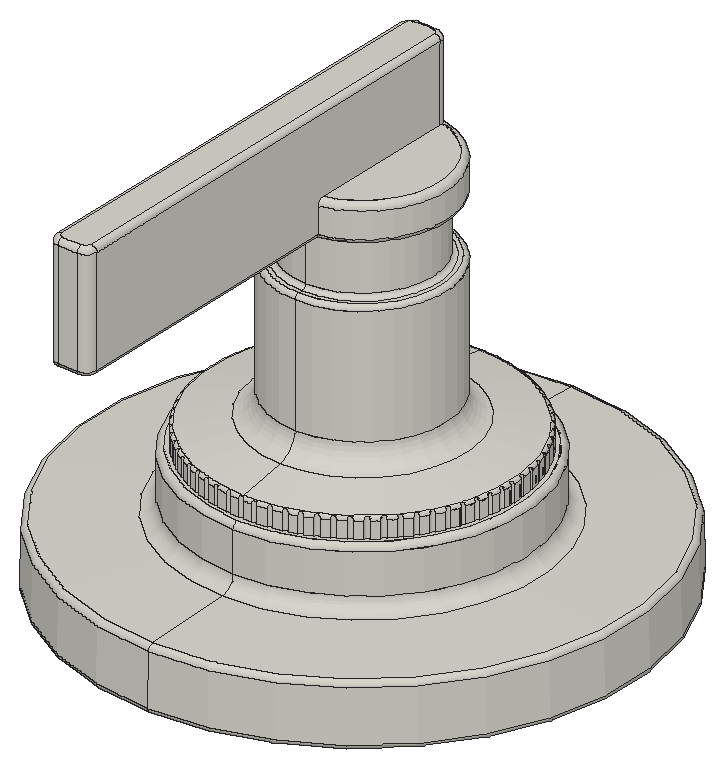
Revit family "Shower-Valve_Trim-KOHLER-Castia-K-T35921", category Specialty Equipment, host Face, Revit 2021 (continued)
Definition of nested family "K-T35921"
  Lines and regions (in)
    symbolic lines, detail levels medium+fine
      curve 257: line (0.07346, 0, 1.02911) -> (0.07346, 0, 0.9252)
      curve 258: line (0.06197, 0, 1.02911) -> (0.06197, 0, 0.9252)
      curve 259: line (0.04983, 0, 1.02911) -> (0.04983, 0, 0.9252)
      curve 260: line (0.03835, 0, 1.02911) -> (0.03835, 0, 0.9252)
      curve 261: line (0.02621, 0, 1.02911) -> (0.02621, 0, 0.9252)
      curve 262: line (0.01473, 0, 1.02911) -> (0.01473, 0, 0.9252)
      curve 263: line (0.00259, 0, 1.02911) -> (0.00259, 0, 0.9252)
      curve 264: line (-1.09839, 0, 1.02911) -> (-1.09839, 0, 0.9252)
      curve 265: line (-1.08626, 0, 1.02911) -> (-1.08626, 0, 0.9252)
      curve 266: line (-1.07477, 0, 1.02911) -> (-1.07477, 0, 0.9252)
      curve 267: line (-1.06264, 0, 1.02911) -> (-1.06264, 0, 0.9252)
      curve 268: line (-1.05115, 0, 1.02911) -> (-1.05115, 0, 0.9252)
      curve 269: line (-1.03902, 0, 1.02911) -> (-1.03902, 0, 0.9252)
      curve 270: line (-1.02753, 0, 1.02911) -> (-1.02753, 0, 0.9252)
      curve 271: line (-1.01539, 0, 1.02911) -> (-1.01539, 0, 0.9252)
      curve 272: line (-1.00391, 0, 1.02911) -> (-1.00391, 0, 0.9252)
      curve 273: line (-0.99177, 0, 1.02911) -> (-0.99177, 0, 0.9252)
      curve 274: line (-0.98028, 0, 1.02911) -> (-0.98028, 0, 0.9252)
      curve 275: line (-0.96815, 0, 1.02911) -> (-0.96815, 0, 0.9252)
      curve 276: line (-0.95666, 0, 1.02911) -> (-0.95666, 0, 0.9252)
      curve 277: line (-0.94453, 0, 1.02911) -> (-0.94453, 0, 0.9252)
      curve 278: line (-0.93304, 0, 1.02911) -> (-0.93304, 0, 0.9252)
      curve 279: line (-0.92091, 0, 1.02911) -> (-0.92091, 0, 0.9252)
      curve 280: line (-0.90942, 0, 1.02911) -> (-0.90942, 0, 0.9252)
      curve 281: line (-0.89728, 0, 1.02911) -> (-0.89728, 0, 0.9252)
      curve 282: line (-0.8858, 0, 1.02911) -> (-0.8858, 0, 0.9252)
      curve 283: line (-0.87366, 0, 1.02911) -> (-0.87366, 0, 0.9252)
      curve 284: line (-0.85445, 0, 1.02911) -> (-0.85445, 0, 0.9252)
      curve 285: line (-0.84231, 0, 1.02911) -> (-0.84231, 0, 0.9252)
      curve 286: line (-0.83082, 0, 1.02911) -> (-0.83082, 0, 0.9252)
      curve 287: line (-0.81869, 0, 1.02911) -> (-0.81869, 0, 0.9252)
      curve 288: line (-0.8072, 0, 1.02911) -> (-0.8072, 0, 0.9252)
      curve 289: line (-0.79507, 0, 1.02911) -> (-0.79507, 0, 0.9252)
      curve 290: line (-0.78358, 0, 1.02911) -> (-0.78358, 0, 0.9252)
      curve 291: line (-0.77145, 0, 1.02911) -> (-0.77145, 0, 0.9252)
      curve 292: line (-0.75996, 0, 1.02911) -> (-0.75996, 0, 0.9252)
      curve 293: line (-0.74782, 0, 1.02911) -> (-0.74782, 0, 0.9252)
      curve 294: line (-0.73634, 0, 1.02911) -> (-0.73634, 0, 0.9252)
      curve 295: line (-0.7242, 0, 1.02911) -> (-0.7242, 0, 0.9252)
      curve 296: line (-0.71271, 0, 1.02911) -> (-0.71271, 0, 0.9252)
      curve 297: line (-0.70058, 0, 1.02911) -> (-0.70058, 0, 0.9252)
      curve 298: line (-0.68909, 0, 1.02911) -> (-0.68909, 0, 0.9252)
      curve 299: line (-0.67696, 0, 1.02911) -> (-0.67696, 0, 0.9252)
      curve 300: line (-0.66547, 0, 1.02911) -> (-0.66547, 0, 0.9252)
      curve 301: line (-0.65334, 0, 1.02911) -> (-0.65334, 0, 0.9252)
      curve 302: line (-0.64185, 0, 1.02911) -> (-0.64185, 0, 0.9252)
      curve 303: line (-0.62971, 0, 1.02911) -> (-0.62971, 0, 0.9252)
      curve 304: line (-0.61286, 0, 1.02911) -> (-0.61286, 0, 0.9252)
      curve 305: line (-0.60073, 0, 1.02911) -> (-0.60073, 0, 0.9252)
      curve 306: line (-0.58924, 0, 1.02911) -> (-0.58924, 0, 0.9252)
      curve 307: line (-0.5771, 0, 1.02911) -> (-0.5771, 0, 0.9252)
      curve 308: line (-0.56562, 0, 1.02911) -> (-0.56562, 0, 0.9252)
      curve 309: line (-0.55348, 0, 1.02911) -> (-0.55348, 0, 0.9252)
      curve 310: line (-0.54199, 0, 1.02911) -> (-0.54199, 0, 0.9252)
      curve 311: line (-0.52986, 0, 1.02911) -> (-0.52986, 0, 0.9252)
      curve 312: line (-0.51837, 0, 1.02911) -> (-0.51837, 0, 0.9252)
      curve 313: line (-0.50624, 0, 1.02911) -> (-0.50624, 0, 0.9252)
      curve 314: line (-0.49475, 0, 1.02911) -> (-0.49475, 0, 0.9252)
      curve 315: line (-0.48261, 0, 1.02911) -> (-0.48261, 0, 0.9252)
      curve 316: line (-0.47113, 0, 1.02911) -> (-0.47113, 0, 0.9252)
      curve 317: line (-0.45899, 0, 1.02911) -> (-0.45899, 0, 0.9252)
      curve 318: line (-0.44751, 0, 1.02911) -> (-0.44751, 0, 0.9252)
      curve 319: line (-0.43537, 0, 1.02911) -> (-0.43537, 0, 0.9252)
      curve 320: line (-0.42388, 0, 1.02911) -> (-0.42388, 0, 0.9252)
      curve 321: line (-0.41175, 0, 1.02911) -> (-0.41175, 0, 0.9252)
      curve 322: line (-0.40026, 0, 1.02911) -> (-0.40026, 0, 0.9252)
      curve 323: line (-0.38813, 0, 1.02911) -> (-0.38813, 0, 0.9252)
      curve 324: line (-0.36891, 0, 1.02911) -> (-0.36891, 0, 0.9252)
      curve 325: line (-0.35678, 0, 1.02911) -> (-0.35678, 0, 0.9252)
      curve 326: line (-0.34529, 0, 1.02911) -> (-0.34529, 0, 0.9252)
      curve 327: line (-0.33316, 0, 1.02911) -> (-0.33316, 0, 0.9252)
      curve 328: line (-0.32167, 0, 1.02911) -> (-0.32167, 0, 0.9252)
      curve 329: line (-0.30953, 0, 1.02911) -> (-0.30953, 0, 0.9252)
      curve 330: line (-0.29805, 0, 1.02911) -> (-0.29805, 0, 0.9252)
      curve 331: line (-0.28591, 0, 1.02911) -> (-0.28591, 0, 0.9252)
      curve 332: line (-0.27442, 0, 1.02911) -> (-0.27442, 0, 0.9252)
      curve 333: line (-0.26229, 0, 1.02911) -> (-0.26229, 0, 0.9252)
      curve 334: line (-0.2508, 0, 1.02911) -> (-0.2508, 0, 0.9252)
      curve 335: line (-0.23867, 0, 1.02911) -> (-0.23867, 0, 0.9252)
      curve 336: line (-0.22718, 0, 1.02911) -> (-0.22718, 0, 0.9252)
      curve 337: line (-0.21505, 0, 1.02911) -> (-0.21505, 0, 0.9252)
      curve 338: line (-0.20356, 0, 1.02911) -> (-0.20356, 0, 0.9252)
      curve 339: line (-0.19142, 0, 1.02911) -> (-0.19142, 0, 0.9252)
      curve 340: line (-0.17994, 0, 1.02911) -> (-0.17994, 0, 0.9252)
      curve 341: line (-0.1678, 0, 1.02911) -> (-0.1678, 0, 0.9252)
      curve 342: line (-0.15631, 0, 1.02911) -> (-0.15631, 0, 0.9252)
      curve 343: line (-0.14418, 0, 1.02911) -> (-0.14418, 0, 0.9252)
      curve 344: line (-0.13284, 0, 1.02911) -> (-0.13284, 0, 0.9252)
      curve 345: line (-0.1207, 0, 1.02911) -> (-0.1207, 0, 0.9252)
      curve 346: line (-0.10921, 0, 1.02911) -> (-0.10921, 0, 0.9252)
      curve 347: line (-0.09708, 0, 1.02911) -> (-0.09708, 0, 0.9252)
      curve 348: line (-0.08559, 0, 1.02911) -> (-0.08559, 0, 0.9252)
      curve 349: line (-0.07346, 0, 1.02911) -> (-0.07346, 0, 0.9252)
      curve 350: line (-0.06197, 0, 1.02911) -> (-0.06197, 0, 0.9252)
      curve 351: line (-0.04983, 0, 1.02911) -> (-0.04983, 0, 0.9252)
      curve 352: line (-0.03835, 0, 1.02911) -> (-0.03835, 0, 0.9252)
      curve 353: line (-0.02621, 0, 1.02911) -> (-0.02621, 0, 0.9252)
      curve 354: line (-0.01473, 0, 1.02911) -> (-0.01473, 0, 0.9252)
      curve 355: line (-0.00259, 0, 1.02911) -> (-0.00259, 0, 0.9252)
      curve 356: line (0.62515, 0, 1.28535) -> (-0.62515, 0, 1.28535)
      curve 357: line (-0.625, 0, 2.16166) -> (0.625, 0, 2.16166)
      curve 358: line (0.15, 0, 3.27208) -> (-0.15, 0, 3.27208)
      curve 359: line (0, 0.40776, 2.61961) -> (0, -0.40776, 2.61961)
      curve 360: line (0, 0.61732, 2.68076) -> (0, -0.58341, 2.68076)
      curve 361: line (0, 0.56614, 2.91679) -> (0, 0.56614, 3.33224)
      curve 362: arc (0, 0.56614, 3.33224) -> (0, 0.54111, 3.39268) -> (0, 0.48066, 3.41772) r 0.08548
      curve 363: line (0, 0.48066, 3.41772) -> (0, -2.60573, 3.41772)
      curve 364: line (0, -2.61882, 2.68976) -> (0, -0.65032, 2.68976)
      curve 365: arc (0, -2.69094, 2.76189) -> (0, -2.66982, 2.71089) -> (0, -2.61882, 2.68976) r 0.07212
      curve 366: line (0, -2.69094, 3.3325) -> (0, -2.69094, 2.76189)
      curve 367: arc (0, -2.60573, 3.41772) -> (0, -2.66599, 3.39276) -> (0, -2.69094, 3.3325) r 0.08521
      curve 368: line (0, -0.58341, 2.68076) -> (0, -0.65032, 2.68976)
      curve 369: line (0, 0.6252, 2.94301) -> (0, -0.55603, 2.94301)
      curve 370: line (0, 0.51938, 2.87003) -> (0, -0.52422, 2.87003)
      curve 371: line (0, 0.57784, 2.82778) -> (0, -0.5707, 2.82778)
      curve 372: line (0, -0.5707, 2.82778) -> (0, -0.58341, 2.68076)
      curve 373: line (0, -0.65032, 2.68976) -> (0, -0.65032, 2.84872)
      curve 374: arc (0, -0.55603, 2.94301) -> (0, -0.6227, 2.9154) -> (0, -0.65032, 2.84872) r 0.09429
      curve 375: arc (0, -0.52422, 2.87003) -> (0, -0.55562, 2.85789) -> (0, -0.57066, 2.82778) r 0.04665
      curve 376: line (0, -0.5707, 2.82778) -> (0, -0.65032, 2.84872)
      curve 377: line (0, 0.61628, 2.94301) -> (0, 0.61628, 3.33671)
      curve 378: line (0, 0.61732, 2.6511) -> (0, 0.61732, 3.33224)
      curve 379: arc (0, 0.61732, 3.33224) -> (0, 0.5773, 3.42887) -> (0, 0.48066, 3.4689) r 0.13666
      curve 380: line (0, 0.48066, 3.4689) -> (0, -2.60573, 3.4689)
      curve 381: arc (0, -2.60573, 3.4689) -> (0, -2.705, 3.4294) -> (0, -2.75, 3.3325) r 0.14449
      curve 382: arc (0, 0.51938, 2.87003) -> (0, 0.55245, 2.88373) -> (0, 0.56614, 2.91679) r 0.04676
      curve 383: arc (0, 0.61628, 2.94301) -> (0, 0.60642, 2.88228) -> (0, 0.57784, 2.82778) r 0.19189
      curve 384: line (0, 0.5252, 2.57477) -> (0, -0.5252, 2.57477)
      curve 385: line (0, 0.38566, 2.59752) -> (0, -0.38566, 2.59752)
      curve 386: line (0, 0.5252, 2.22771) -> (0, -0.5252, 2.22771)
      curve 387: line (0, -0.55819, 2.19697) -> (0, 0.55819, 2.19697)
      curve 388: line (0, 0.625, 2.16166) -> (0, -0.625, 2.16166)
      curve 389: line (0, 0.625, 1.28535) -> (0, -0.625, 1.28535)
      curve 390: line (0, 0.75428, 1.13145) -> (0, -0.75428, 1.13145)
      curve 391: line (0, -1.09528, 1.07132) -> (0, 1.09528, 1.07132)
      curve 392: line (0, 1.12443, 1.02911) -> (0, -1.12443, 1.02911)
      curve 393: line (0, -1.12443, 0.9252) -> (0, 1.12443, 0.9252)
      curve 394: line (0, 1.1976, 0.88679) -> (0, -1.1976, 0.88679)
      curve 395: line (0, 1.2993, 0.48192) -> (0, -1.2993, 0.48192)
      curve 396: line (0, -1.1976, 0.59333) -> (0, 1.1976, 0.59333)
      curve 397: line (0, 1.99282, 0.40614) -> (0, -1.99282, 0.40614)
      curve 398: line (0, -1.95552, 0.45205) -> (0, 1.95552, 0.45205)
      curve 399: line (0, 1.99941, 0.02862) -> (0, -1.99941, 0.02862)
      curve 400: line (0, 1.09528, 1.02911) -> (0, 1.09528, 0.9252)
      curve 401: line (0, 1.07678, 1.02911) -> (0, 1.07678, 0.9252)
      curve 402: line (0, 1.07165, 1.02911) -> (0, 1.07165, 0.9252)
      curve 403: line (0, 1.05316, 1.02911) -> (0, 1.05316, 0.9252)
      curve 404: line (0, 1.04803, 1.02911) -> (0, 1.04803, 0.9252)
      curve 405: line (0, 1.02953, 1.02911) -> (0, 1.02953, 0.9252)
      curve 406: line (0, 1.02441, 1.02911) -> (0, 1.02441, 0.9252)
      curve 407: line (0, 1.00591, 1.02911) -> (0, 1.00591, 0.9252)
      curve 408: line (0, 1.00079, 1.02911) -> (0, 1.00079, 0.9252)
      curve 409: line (0, 0.98229, 1.02911) -> (0, 0.98229, 0.9252)
      curve 410: line (0, 0.97717, 1.02911) -> (0, 0.97717, 0.9252)
      curve 411: line (0, 0.95867, 1.02911) -> (0, 0.95867, 0.9252)
      curve 412: line (0, 0.95354, 1.02911) -> (0, 0.95354, 0.9252)
      curve 413: line (0, 0.93505, 1.02911) -> (0, 0.93505, 0.9252)
      curve 414: line (0, 0.92992, 1.02911) -> (0, 0.92992, 0.9252)
      curve 415: line (0, 0.91142, 1.02911) -> (0, 0.91142, 0.9252)
      curve 416: line (0, 0.9063, 1.02911) -> (0, 0.9063, 0.9252)
      curve 417: line (0, 0.8878, 1.02911) -> (0, 0.8878, 0.9252)
      curve 418: line (0, 0.88268, 1.02911) -> (0, 0.88268, 0.9252)
      curve 419: line (0, 0.86418, 1.02911) -> (0, 0.86418, 0.9252)
      curve 420: line (0, 0.85906, 1.02911) -> (0, 0.85906, 0.9252)
      curve 421: line (0, 0.84056, 1.02911) -> (0, 0.84056, 0.9252)
      curve 422: line (0, 0.83543, 1.02911) -> (0, 0.83543, 0.9252)
      curve 423: line (0, 0.81694, 1.02911) -> (0, 0.81694, 0.9252)
      curve 424: line (0, 0.81181, 1.02911) -> (0, 0.81181, 0.9252)
      curve 425: line (0, 0.79331, 1.02911) -> (0, 0.79331, 0.9252)
      curve 426: line (0, 0.78819, 1.02911) -> (0, 0.78819, 0.9252)
      curve 427: line (0, 0.76969, 1.02911) -> (0, 0.76969, 0.9252)
      curve 428: line (0, 0.76457, 1.02911) -> (0, 0.76457, 0.9252)
      curve 429: line (0, 0.74607, 1.02911) -> (0, 0.74607, 0.9252)
      curve 430: line (0, 0.74095, 1.02911) -> (0, 0.74095, 0.9252)
      curve 431: line (0, 0.72245, 1.02911) -> (0, 0.72245, 0.9252)
      curve 432: line (0, 0.71732, 1.02911) -> (0, 0.71732, 0.9252)
      curve 433: line (0, 0.69883, 1.02911) -> (0, 0.69883, 0.9252)
      curve 434: line (0, 0.6937, 1.02911) -> (0, 0.6937, 0.9252)
      curve 435: line (0, 0.6752, 1.02911) -> (0, 0.6752, 0.9252)
      curve 436: line (0, 0.67008, 1.02911) -> (0, 0.67008, 0.9252)
      curve 437: line (0, 0.65158, 1.02911) -> (0, 0.65158, 0.9252)
      curve 438: line (0, 0.64646, 1.02911) -> (0, 0.64646, 0.9252)
      curve 439: line (0, 0.62796, 1.02911) -> (0, 0.62796, 0.9252)
      curve 440: line (0, 0.62284, 1.02911) -> (0, 0.62284, 0.9252)
      curve 441: line (0, 0.60434, 1.02911) -> (0, 0.60434, 0.9252)
      curve 442: line (0, 0.59921, 1.02911) -> (0, 0.59921, 0.9252)
      curve 443: line (0, 0.58072, 1.02911) -> (0, 0.58072, 0.9252)
      curve 444: line (0, 0.57559, 1.02911) -> (0, 0.57559, 0.9252)
      curve 445: line (0, 0.55709, 1.02911) -> (0, 0.55709, 0.9252)
      curve 446: line (0, 0.55197, 1.02911) -> (0, 0.55197, 0.9252)
      curve 447: line (0, 0.53347, 1.02911) -> (0, 0.53347, 0.9252)
      curve 448: line (0, 0.52835, 1.02911) -> (0, 0.52835, 0.9252)
      curve 449: line (0, 0.50985, 1.02911) -> (0, 0.50985, 0.9252)
      curve 450: line (0, 0.50473, 1.02911) -> (0, 0.50473, 0.9252)
      curve 451: line (0, 0.48623, 1.02911) -> (0, 0.48623, 0.9252)
      curve 452: line (0, 0.4811, 1.02911) -> (0, 0.4811, 0.9252)
      curve 453: line (0, 0.46261, 1.02911) -> (0, 0.46261, 0.9252)
      curve 454: line (0, 0.44302, 1.02911) -> (0, 0.44302, 0.9252)
      curve 455: line (0, 0.43789, 1.02911) -> (0, 0.43789, 0.9252)
      curve 456: line (0, 0.41939, 1.02911) -> (0, 0.41939, 0.9252)
      curve 457: line (0, 0.41427, 1.02911) -> (0, 0.41427, 0.9252)
      curve 458: line (0, 0.39577, 1.02911) -> (0, 0.39577, 0.9252)
      curve 459: line (0, 0.39065, 1.02911) -> (0, 0.39065, 0.9252)
      curve 460: line (0, 0.37215, 1.02911) -> (0, 0.37215, 0.9252)
      curve 461: line (0, 0.36703, 1.02911) -> (0, 0.36703, 0.9252)
      curve 462: line (0, 0.34853, 1.02911) -> (0, 0.34853, 0.9252)
      curve 463: line (0, 0.3434, 1.02911) -> (0, 0.3434, 0.9252)
      curve 464: line (0, 0.32491, 1.02911) -> (0, 0.32491, 0.9252)
      curve 465: line (0, 0.31978, 1.02911) -> (0, 0.31978, 0.9252)
      curve 466: line (0, 0.30128, 1.02911) -> (0, 0.30128, 0.9252)
      curve 467: line (0, 0.29616, 1.02911) -> (0, 0.29616, 0.9252)
      curve 468: line (0, 0.27766, 1.02911) -> (0, 0.27766, 0.9252)
      curve 469: line (0, 0.27254, 1.02911) -> (0, 0.27254, 0.9252)
      curve 470: line (0, 0.25404, 1.02911) -> (0, 0.25404, 0.9252)
      curve 471: line (0, 0.24892, 1.02911) -> (0, 0.24892, 0.9252)
      curve 472: line (0, 0.23042, 1.02911) -> (0, 0.23042, 0.9252)
      curve 473: line (0, 0.22529, 1.02911) -> (0, 0.22529, 0.9252)
      curve 474: line (0, 0.2068, 1.02911) -> (0, 0.2068, 0.9252)
      curve 475: line (0, 0.20167, 1.02911) -> (0, 0.20167, 0.9252)
      curve 476: line (0, 0.18317, 1.02911) -> (0, 0.18317, 0.9252)
      curve 477: line (0, 0.17805, 1.02911) -> (0, 0.17805, 0.9252)
      curve 478: line (0, 0.15955, 1.02911) -> (0, 0.15955, 0.9252)
      curve 479: line (0, 0.15443, 1.02911) -> (0, 0.15443, 0.9252)
      curve 480: line (0, 0.13593, 1.02911) -> (0, 0.13593, 0.9252)
      curve 481: line (0, 0.13081, 1.02911) -> (0, 0.13081, 0.9252)
      curve 482: line (0, 0.11231, 1.02911) -> (0, 0.11231, 0.9252)
      curve 483: line (0, 0.10718, 1.02911) -> (0, 0.10718, 0.9252)
      curve 484: line (0, 0.08869, 1.02911) -> (0, 0.08869, 0.9252)
      curve 485: line (0, 0.08356, 1.02911) -> (0, 0.08356, 0.9252)
      curve 486: line (0, 0.06506, 1.02911) -> (0, 0.06506, 0.9252)
      curve 487: line (0, 0.05994, 1.02911) -> (0, 0.05994, 0.9252)
      curve 488: line (0, 0.04144, 1.02911) -> (0, 0.04144, 0.9252)
      curve 489: line (0, 0.03632, 1.02911) -> (0, 0.03632, 0.9252)
      curve 490: line (0, 0.01782, 1.02911) -> (0, 0.01782, 0.9252)
      curve 491: line (0, -1.09528, 1.02911) -> (0, -1.09528, 0.9252)
      curve 492: line (0, -1.07678, 1.02911) -> (0, -1.07678, 0.9252)
      curve 493: line (0, -1.07165, 1.02911) -> (0, -1.07165, 0.9252)
      curve 494: line (0, -1.05316, 1.02911) -> (0, -1.05316, 0.9252)
      curve 495: line (0, -1.04803, 1.02911) -> (0, -1.04803, 0.9252)
      curve 496: line (0, -1.02953, 1.02911) -> (0, -1.02953, 0.9252)
      curve 497: line (0, -1.02441, 1.02911) -> (0, -1.02441, 0.9252)
      curve 498: line (0, -1.00591, 1.02911) -> (0, -1.00591, 0.9252)
      curve 499: line (0, -1.00079, 1.02911) -> (0, -1.00079, 0.9252)
      curve 500: line (0, -0.98229, 1.02911) -> (0, -0.98229, 0.9252)
      curve 501: line (0, -0.97717, 1.02911) -> (0, -0.97717, 0.9252)
      curve 502: line (0, -0.95867, 1.02911) -> (0, -0.95867, 0.9252)
      curve 503: line (0, -0.95354, 1.02911) -> (0, -0.95354, 0.9252)
      curve 504: line (0, -0.93505, 1.02911) -> (0, -0.93505, 0.9252)
      curve 505: line (0, -0.92992, 1.02911) -> (0, -0.92992, 0.9252)
      curve 506: line (0, -0.91142, 1.02911) -> (0, -0.91142, 0.9252)
      curve 507: line (0, -0.9063, 1.02911) -> (0, -0.9063, 0.9252)
      curve 508: line (0, -0.8878, 1.02911) -> (0, -0.8878, 0.9252)
      curve 509: line (0, -0.88268, 1.02911) -> (0, -0.88268, 0.9252)
      curve 510: line (0, -0.86418, 1.02911) -> (0, -0.86418, 0.9252)
      curve 511: line (0, -0.85906, 1.02911) -> (0, -0.85906, 0.9252)
      curve 512: line (0, -0.84056, 1.02911) -> (0, -0.84056, 0.9252)
      curve 513: line (0, -0.83543, 1.02911) -> (0, -0.83543, 0.9252)
      curve 514: line (0, -0.81694, 1.02911) -> (0, -0.81694, 0.9252)
      curve 515: line (0, -0.81181, 1.02911) -> (0, -0.81181, 0.9252)
      curve 516: line (0, -0.79331, 1.02911) -> (0, -0.79331, 0.9252)
      curve 517: line (0, -0.78819, 1.02911) -> (0, -0.78819, 0.9252)
      curve 518: line (0, -0.76969, 1.02911) -> (0, -0.76969, 0.9252)
      curve 519: line (0, -0.76457, 1.02911) -> (0, -0.76457, 0.9252)
      curve 520: line (0, -0.74607, 1.02911) -> (0, -0.74607, 0.9252)
      curve 521: line (0, -0.74095, 1.02911) -> (0, -0.74095, 0.9252)
      curve 522: line (0, -0.72245, 1.02911) -> (0, -0.72245, 0.9252)
      curve 523: line (0, -0.71732, 1.02911) -> (0, -0.71732, 0.9252)
      curve 524: line (0, -0.69883, 1.02911) -> (0, -0.69883, 0.9252)
      curve 525: line (0, -0.6937, 1.02911) -> (0, -0.6937, 0.9252)
      curve 526: line (0, -0.6752, 1.02911) -> (0, -0.6752, 0.9252)
      curve 527: line (0, -0.67008, 1.02911) -> (0, -0.67008, 0.9252)
      curve 528: line (0, -0.65158, 1.02911) -> (0, -0.65158, 0.9252)
      curve 529: line (0, -0.64646, 1.02911) -> (0, -0.64646, 0.9252)
      curve 530: line (0, -0.62796, 1.02911) -> (0, -0.62796, 0.9252)
      curve 531: line (0, -0.62284, 1.02911) -> (0, -0.62284, 0.9252)
      curve 532: line (0, -0.60434, 1.02911) -> (0, -0.60434, 0.9252)
      curve 533: line (0, -0.59921, 1.02911) -> (0, -0.59921, 0.9252)
      curve 534: line (0, -0.58072, 1.02911) -> (0, -0.58072, 0.9252)
      curve 535: line (0, -0.57559, 1.02911) -> (0, -0.57559, 0.9252)
      curve 536: line (0, -0.55709, 1.02911) -> (0, -0.55709, 0.9252)
      curve 537: line (0, -0.55197, 1.02911) -> (0, -0.55197, 0.9252)
      curve 538: line (0, -0.53347, 1.02911) -> (0, -0.53347, 0.9252)
      curve 539: line (0, -0.52835, 1.02911) -> (0, -0.52835, 0.9252)
      curve 540: line (0, -0.50985, 1.02911) -> (0, -0.50985, 0.9252)
      curve 541: line (0, -0.50473, 1.02911) -> (0, -0.50473, 0.9252)
      curve 542: line (0, -0.48623, 1.02911) -> (0, -0.48623, 0.9252)
      curve 543: line (0, -0.4811, 1.02911) -> (0, -0.4811, 0.9252)
      curve 544: line (0, -0.46261, 1.02911) -> (0, -0.46261, 0.9252)
      curve 545: line (0, -0.44302, 1.02911) -> (0, -0.44302, 0.9252)
      curve 546: line (0, -0.43789, 1.02911) -> (0, -0.43789, 0.9252)
      curve 547: line (0, -0.41939, 1.02911) -> (0, -0.41939, 0.9252)
      curve 548: line (0, -0.41427, 1.02911) -> (0, -0.41427, 0.9252)
      curve 549: line (0, -0.39577, 1.02911) -> (0, -0.39577, 0.9252)
      curve 550: line (0, -0.39065, 1.02911) -> (0, -0.39065, 0.9252)
      curve 551: line (0, -0.37215, 1.02911) -> (0, -0.37215, 0.9252)
      curve 552: line (0, -0.36703, 1.02911) -> (0, -0.36703, 0.9252)
      curve 553: line (0, -0.34853, 1.02911) -> (0, -0.34853, 0.9252)
      curve 554: line (0, -0.3434, 1.02911) -> (0, -0.3434, 0.9252)
      curve 555: line (0, -0.32491, 1.02911) -> (0, -0.32491, 0.9252)
      curve 556: line (0, -0.31978, 1.02911) -> (0, -0.31978, 0.9252)
      curve 557: line (0, -0.30128, 1.02911) -> (0, -0.30128, 0.9252)
      curve 558: line (0, -0.29616, 1.02911) -> (0, -0.29616, 0.9252)
      curve 559: line (0, -0.27766, 1.02911) -> (0, -0.27766, 0.9252)
      curve 560: line (0, -0.27254, 1.02911) -> (0, -0.27254, 0.9252)
      curve 561: line (0, -0.25404, 1.02911) -> (0, -0.25404, 0.9252)
      curve 562: line (0, -0.24892, 1.02911) -> (0, -0.24892, 0.9252)
      curve 563: line (0, -0.23042, 1.02911) -> (0, -0.23042, 0.9252)
      curve 564: line (0, -0.22529, 1.02911) -> (0, -0.22529, 0.9252)
      curve 565: line (0, -0.2068, 1.02911) -> (0, -0.2068, 0.9252)
      curve 566: line (0, -0.20167, 1.02911) -> (0, -0.20167, 0.9252)
      curve 567: line (0, -0.18317, 1.02911) -> (0, -0.18317, 0.9252)
      curve 568: line (0, -0.17805, 1.02911) -> (0, -0.17805, 0.9252)
      curve 569: line (0, -0.15955, 1.02911) -> (0, -0.15955, 0.9252)
      curve 570: line (0, -0.15443, 1.02911) -> (0, -0.15443, 0.9252)
      curve 571: line (0, -0.13593, 1.02911) -> (0, -0.13593, 0.9252)
      curve 572: line (0, -0.13081, 1.02911) -> (0, -0.13081, 0.9252)
      curve 573: line (0, -0.11231, 1.02911) -> (0, -0.11231, 0.9252)
      curve 574: line (0, -0.10718, 1.02911) -> (0, -0.10718, 0.9252)
      curve 575: line (0, -0.08869, 1.02911) -> (0, -0.08869, 0.9252)
      curve 576: line (0, -0.08356, 1.02911) -> (0, -0.08356, 0.9252)
      curve 577: line (0, -0.06506, 1.02911) -> (0, -0.06506, 0.9252)
      curve 578: line (0, -0.05994, 1.02911) -> (0, -0.05994, 0.9252)
      curve 579: line (0, -0.04144, 1.02911) -> (0, -0.04144, 0.9252)
      curve 580: line (0, -0.03632, 1.02911) -> (0, -0.03632, 0.9252)
      curve 581: line (0, -0.01782, 1.02911) -> (0, -0.01782, 0.9252)
      curve 582: line (-0.22, 1.10171, 0) -> (-0.18875, 1.109, 0)
      curve 583: arc (-0.18875, 1.109, 0) -> (-0.1498, 1.09088, 0) -> (-0.12289, 1.12436, 0) r 0.03483
      curve 584: arc (-0.08699, 1.12514, 0) -> (-0.05509, 1.09088, 0) -> (-0.01737, 1.11862, 0) r 0.03519
      curve 585: line (-0.01737, 1.11862, 0) -> (0.01838, 1.12567, 0)
      curve 586: line (-0.12289, 1.12436, 0) -> (-0.08699, 1.12514, 0)
      curve 587: arc (0.18615, 1.11705, 0) -> (0.15179, 1.08525, 0) -> (0.11625, 1.11572, 0) r 0.03519
      curve 588: line (0.11625, 1.11572, 0) -> (0.08501, 1.11978, 0)
      curve 589: arc (0.08501, 1.11978, 0) -> (0.04949, 1.09771, 0) -> (0.01838, 1.12567, 0) r 0.03483
      curve 590: line (0.22076, 1.10968, 0) -> (0.18615, 1.11705, 0)
  Dimensions and locks (in)
    plane 4 to plane 3 "Center (Left/Right)" = 1.99941"
    aligned and locked: plane 2 to level
Types (6): name | Type | Model | Finish
  (no name) | 5 | "K-T35921-4-SN" | Kohler-Metal-SN-Vibrant_Polished_Nickel
  CP-Polished Chrome | 1 | "K-T35921-4-CP" | Kohler-Metal-CP-Polished_Chrome
  BN-Vibrant Brushed Nickel | 2 | "K-T35921-4-BN" | Kohler-Metal-BN-Vibrant_Brushed_Nickel
  BL-Matte Black | 3 | "K-T35921-4-BL" | Kohler-Metal-BL-Matte_Black
  2MB-Vibrant Brushed Moderne Brass | 4 | "K-T35921-4-2MB" | Kohler-Metal-2MB-Vibrant_Brushed_Moderne_Brass
  SN-Vibrant Polished Nickel | 5 | "K-T35921-4-SN" | Kohler-Metal-SN-Vibrant_Polished_Nickel
